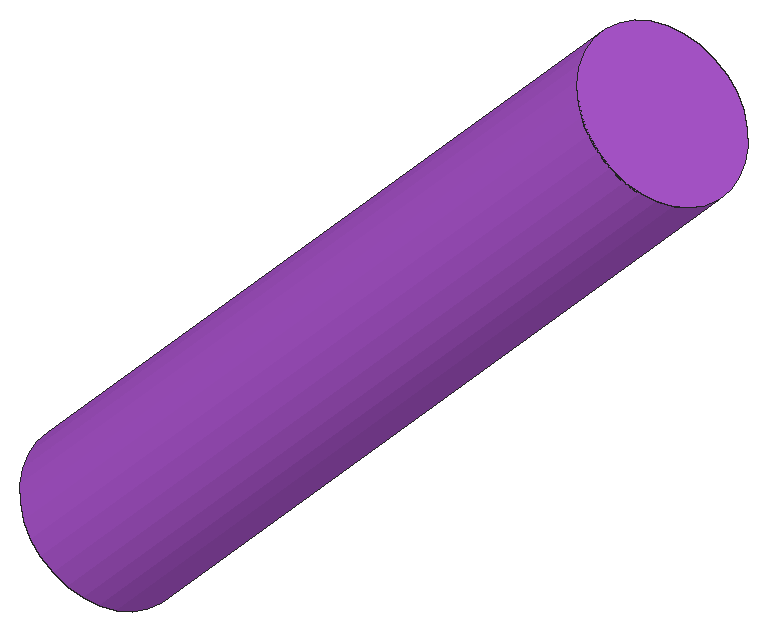
Revit family "ケーブルトレイサポート_鋼管（STK）1", category Generic Models, Revit 2020
Family settings
  Can host rebar = No
  Round Connector Dimension = Use Diameter
  Part Type = Normal
  Work Plane-Based = Yes
  Always vertical = No
  Cut with Voids When Loaded = No
  Shared = No
  Room Calculation Point = No
Parameters (values of type "STK 101.6mm")
  長辺 [instance] = 長さ  # 500 mm
  長さ [instance] = 500 mm
  部屋名 = ""
  角度 [instance] = 45.00°
  直径 = 101.6 mm
  Default Elevation = 1219.2 mm
  構造マテリアル = E304_ケーブルトレイサポート
  半径 = 直径 / 2  # 50.8 mm
Types (29, lengths in mm): name | 直径 | 半径
  STK 101.6mm | 101.6 | 50.8
  STK 1016.0mm | 1016 | 508
  STK 114.3mm | 114.3 | 57.15
  STK 139.8mm | 139.8 | 69.9
  STK 165.2mm | 165.2 | 82.6
  STK 190.7mm | 190.7 | 95.35
  STK 21.7mm | 21.7 | 10.85
  STK 216.3mm | 216.3 | 108.15
  STK 267.4mm | 267.4 | 133.7
  STK 27.2mm | 27.2 | 13.6
  STK 318.5mm | 318.5 | 159.25
  STK 34.0mm | 34 | 17
  STK 355.6mm | 355.6 | 177.8
  STK 406.4mm | 406.4 | 203.2
  STK 42.7mm | 42.7 | 21.35
  STK 457.2mm | 457.2 | 228.6
  STK 48.6mm | 48.6 | 24.3
  STK 500.0mm | 500 | 250
  STK 508.0mm | 508 | 254
  STK 558.8mm | 558.8 | 279.4
  STK 60.5mm | 60.5 | 30.25
  STK 600.0mm | 600 | 300
  STK 609.6mm | 609.6 | 304.8
  STK 700.0mm | 700 | 350
  STK 711.2mm | 711.2 | 355.6
  STK 76.3mm | 76.3 | 38.15
  STK 812.8mm | 812.8 | 406.4
  STK 89.1mm | 89.1 | 44.55
  STK 914.4mm | 914.4 | 457.2
Reference planes
  plane 1 "中心(正面/背面)": y = 0
  plane 2: z = 0
  plane 3 "中心(左/右)": x = 0
Lines and regions (mm)
  reference lines
    curve 1: line (0, 0, 0) -> (848.528, 0, 848.528)
    curve 2: line (35.921, 0, -35.921) -> (-35.921, 0, 35.921)
    curve 3: line (389.474, 0, 317.632) -> (317.632, 0, 389.474)
Dimensions and locks
  equal spacing: curve 2, curve 1, curve 2
  "直径": curve 2 to curve 2
  equal spacing: curve 3, curve 1, curve 3
  "直径": curve 3 to curve 3
  "長さ": curve 3 to curve 2
  "角度": angle level to curve 1
  angle curve 2 to curve 1 = 90.00°
  angle curve 3 to curve 1 = 90.00°
  aligned and locked: level to plane 2
  aligned and locked: level to curve 1
  aligned and locked: plane 3 "中心(左/右)" to curve 1
  aligned and locked: nested 1 to curve 1
Nested families
  nested 1: "グレーチング_鋼管（STK）" at (0, 0, 0) x (0.7071, 0, -0.7071) z (0, -1, 0), 長さ <- "長さ", type "STK 21.7mm"
    with 長辺 500 mm, 長さ 500 mm, 直径 101.6 mm, 半径 50.8 mm
Definition of nested family "グレーチング_鋼管（STK）"
  Parameters (values of type "STK 165.2mm")
    長辺 [instance] = 長さ  # 1000 mm
    長さ [instance] = 1000 mm
    直径 = 165.2 mm
    Default Elevation = 1219.2 mm
    構造マテリアル = none
    半径 = 直径 / 2  # 82.6 mm
  Types (29, lengths in mm): name | 直径 | 半径
    STK 21.7mm | 21.7 | 10.85
    STK 27.2mm | 27.2 | 13.6
    STK 34.0mm | 34 | 17
    STK 42.7mm | 42.7 | 21.35
    STK 48.6mm | 48.6 | 24.3
    STK 60.5mm | 60.5 | 30.25
    STK 76.3mm | 76.3 | 38.15
    STK 89.1mm | 89.1 | 44.55
    STK 101.6mm | 101.6 | 50.8
    STK 114.3mm | 114.3 | 57.15
    STK 139.8mm | 139.8 | 69.9
    STK 165.2mm | 165.2 | 82.6
    STK 190.7mm | 190.7 | 95.35
    STK 216.3mm | 216.3 | 108.15
    STK 267.4mm | 267.4 | 133.7
    STK 318.5mm | 318.5 | 159.25
    STK 355.6mm | 355.6 | 177.8
    STK 406.4mm | 406.4 | 203.2
    STK 457.2mm | 457.2 | 228.6
    STK 500.0mm | 500 | 250
    STK 508.0mm | 508 | 254
    STK 558.8mm | 508 | 254
    STK 600.0mm | 600 | 300
    STK 609.6mm | 609.6 | 304.8
    STK 700.0mm | 700 | 350
    STK 711.2mm | 711.2 | 355.6
    STK 812.8mm | 812.8 | 406.4
    STK 914.4mm | 914.4 | 457.2
    STK 1016.0mm | 1016 | 508
  Reference planes
    plane 1 "中心(正面/背面)": y = 0
    plane 2: z = 0
    plane 3 "中心(左/右)": x = 0
  Forms (mm)
    Extrusion 1, solid, material <- "構造マテリアル"
      sketch origin (0, 0, 0) x (1, 0, 0) y (0, 0, 1)
        loop
          circle (0, 0) r 82.6
      from -1000 to 0
  Lines and regions (mm)
    reference lines
      curve 1: line (82.6, 1000, 0) -> (-82.6, 1000, 0)
      curve 2: line (82.6, 0, 0) -> (-82.6, 0, 0)
  Dimensions and locks
    "長さ": curve 1 to curve 2
    "直径": curve 1 to curve 1
    equal spacing: curve 1, plane 3 "中心(左/右)", curve 1
    "直径": curve 2 to curve 2
    equal spacing: curve 2, plane 3 "中心(左/右)", curve 2
    "半径": radius of Extrusion 1 sketch curve
    aligned and locked: level to plane 2
    aligned and locked: Extrusion 1 to curve 1
    aligned and locked: Extrusion 1 to curve 2
  Automatic sketch dimensions
    Extrusion 1 sketch curve to level = 0 mm
    Extrusion 1 sketch curve to plane 3 "中心(左/右)" = 0 mm
    plane 1 "中心(正面/背面)" to curve 2 = 0 mm
